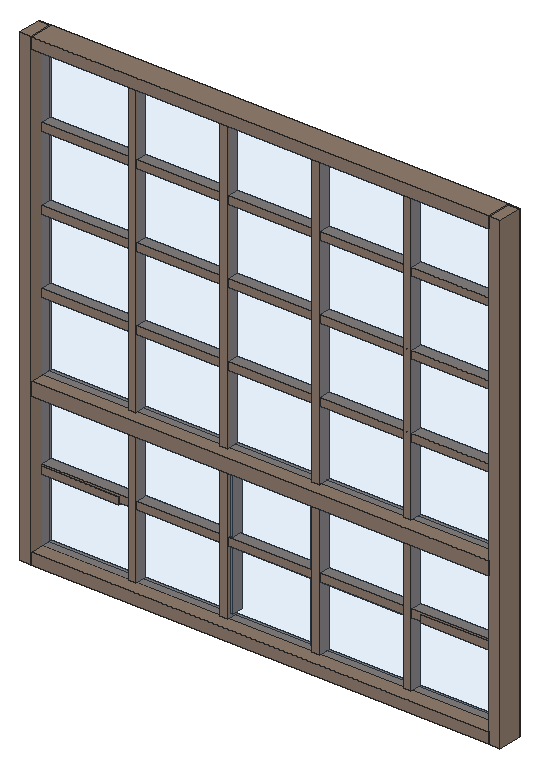
Revit family "Window_Curtain_Wall-Project_Out-Traco-NX_35X-Heavy_Commercial", category Windows, Revit 2015
Parameters (values of type "NX-35X - Project_Out - Fixed")
  Window Width [instance] = if(CTRL Opening Width - Window Right Inset - Window Left Inset < Width Minimum, Width Minimum, if(CTRL Opening Width - Window Right Inset - Window Left Inset > Width Maximum, Width Maximum, CTRL Opening Width - Window Right Inset - Window Left Inset))  # 5' - 4"
  Window Top Inset [instance] = 0' - 0"
  Window Right Inset [instance] = 0' - 0"
  Window Left Inset [instance] = 0' - 0"
  Window Height [instance] = if(CTRL Opening Height - Window Top Inset - Window Bottom Inset < Height Minimum, Height Minimum, if(CTRL Opening Height - Window Top Inset - Window Bottom Inset > Height Maximum, Height Maximum, CTRL Opening Height - Window Top Inset - Window Bottom Inset))  # 5' - 3"
  Window Bottom Inset [instance] = 0' - 0"
  Width Minimum = 3' - 0"  # constant formula
  Width Maximum = 5' - 4"  # constant formula
  Water Resistance = 0.0000 ksf
  Uniform Load Structural = 0.0000 ksf
  Uniform Load Deflection = 0.0000 ksf
  URL = "http://www.alcoa.com/traco/en/home.asp"
  U Factor = "N/A"
  Type Comments = "Fixed/Vent with Side Lites"
  Test Size = "N/A"
  Sill Width = 0' - 1 1/2"  # constant formula
  Screen Width [instance] = CTRL Panel Active Width - (0' 0 3/4" * 2)  # 3' - 0.9"
  Screen Material = Aluminum - Traco - Screen
  Screen Height [instance] = CTRL Panel Active Height - (0' 0 1/2")  # 1' - 8 3/8"
  Product data url = "https://bimobject.com/kawneerna/product/35004"
  Product Page URL = "http://www.alcoa.com/traco/en/product.asp?cat_id=1908&prod_id=4233"
  Product Documentation Link = "http://www.alcoa.com/traco/en/cad_spec.asp?cat_id=1908&prod_id=4233&area=prod"
  Panel Configuration = if(CTRL Configuration Number < 2, "Vent", if(CTRL Configuration Number = 2, "Fixed/Vent-Bottom", if(CTRL Configuration Number = 3, "Vent-Top/Fixed", if(CTRL Configuration Number = 4, "Vent/Vent", "Vent"))))  # "Vent"
  Model = "NX-3XX"
  Manufacturer = "Traco"  # constant formula
  Keynote = "08520"
  Jamb Width = 0' - 1 1/2"  # constant formula
  Height Minimum = 4' - 6"  # constant formula
  Height Maximum = 8' - 0"  # constant formula
  Head Width = 0' - 1 1/2"  # constant formula
  Has Full Screen [instance] = if(CTRL Has Vent, 1 = 1, 1 = 0)  # no
  Has Flange Frame [instance] = 1 = 0  # no
  Has Butt Hinge [instance] = no
  Glazing Thickness = 0' - 1"
  Glazing Material = Glass - Traco - Clear
  Frame Material = Aluminum - Traco - Anodized - Bronze
  Forced Entry Resistance = "N/A"
  Designation = "N/A"
  Description = " Heavy Commercial Historic, Project Out Window"  # constant formula
  Depth = 0' - 3 1/4"  # constant formula
  Copyright © = "2011 Traco"  # constant formula
  Construction Type = ""
  Interior Offset [instance] = 0' - 0"
  Condensation Resistance = 0.0000 ksf
  CTRL Right Panel Inset [instance] = Depth + 0' 0 5/16"  # 0' - 3 9/16"
  CTRL Panel Middle Visibility [instance] = 1 = 1  # yes
  CTRL Panel Left Visibility [instance] = 1 = 1  # yes
  CTRL Panel Fixed Width [instance] = Window Width  # 5' - 4"
  CTRL Panel Fixed Top Inset [instance] = 0' - 0"  # constant formula
  CTRL Panel Fixed Right Inset [instance] = 0' - 0"  # constant formula
  CTRL Panel Fixed Height [instance] = ((Window Height / 6) * 4) + 0' 0 5/8" - Sill Width  # 3' - 5 1/8"
  CTRL Panel Active Width [instance] = (Window Width / 5) * 3  # 3' - 2.4"
  CTRL Panel Active Top Inset [instance] = ((Window Height / 6) * 4)  # 3' - 6"
  CTRL Panel Active Right Inset [instance] = (Window Width / 5)  # 1' - 0.8"
  CTRL Panel Active Frame Width = 0' - 2"  # constant formula
  CTRL Panel Active Height [instance] = ((Window Height / 6) * 2) - 0' 0 1/8"  # 1' - 8 7/8"
  CTRL Mullion Vertical Visibility [instance] = 1 = 1  # yes
  CTRL Mullion Top Inset [instance] = ((Window Height / 6) * 4)  # 3' - 6"
  CTRL Mullion Horizontal Visibility [instance] = 1 = 1  # yes
  CTRL Opening Width [instance] = 7' - 4.26767"
  CTRL Opening Height [instance] = 5' - 3"
  CTRL Middle Panel Inset [instance] = 0' - 0"  # constant formula
  CTRL Left Panel Inset [instance] = Depth + 0' 0 5/16"  # 0' - 3 9/16"
  CTRL Has Vent = no
  CTRL Has No Vent = not(CTRL Has Vent)  # yes
  CTRL Has Full Screen [instance] = if(CTRL Has Vent, Has Full Screen, 1 = 0)  # no
  CTRL Full Screen Width [instance] = Window Width - 0' 1 1/2"  # 5' - 2 1/2"
  CTRL Flange Width [instance] = if(Has Flange Frame, 0' 1 1/2", 0' 0")  # 0' - 0"
  Exterior Offset [instance] = 0' - 0"
  CTRL Configuration Number = 5  # constant formula
  Assembly Code = "B2020110"
  Allowable Air Infiltration Maximum = "N/A"
Reference planes (in)
  plane 1 "Front": y = 0
  plane 2 "Original Ref. Plane": z = 0
  plane 3 "Center (Left/Right)": x = 0
  plane 4 "Left": x = -44.13384
  plane 5 "Right": x = 44.13384
  plane 6 "Top": z = 63
  plane 7 "Window Interior Offset": y = 0
  plane 8 "Window Center F/B": y = 0
  plane 9 "Exterior/Back": y = 1.625
  plane 10 "Interior/Front": y = -1.625
  plane 11 "Window Left": x = -44.13384
  plane 12 "Window Right": x = 19.86616
  plane 13 "Window Top": z = 63
  plane 14 "Flange Top": z = 63
  plane 15 "Head Bottom": z = 61.5
  plane 16 "Frame Left": x = -42.63384
  plane 17 "Frame Right": x = 18.36616
  plane 18 "Flange Bottom": z = 0
  plane 19 "Flange Right": x = 19.86616
  plane 20 "Flange Left": x = -44.13384
  plane 21 "Flange Thickness": y = 1.5625
  plane 22 "Sill Top": z = 1.5
  plane 23 "Window Bottom": z = 0
  plane 24 "Active Panel Top Inset": z = 19
  plane 25 "Screen Top": z = 20.75
  plane 26 "Screen Bottom": z = 1
  plane 27 "Right Glass Ext. Offset": y = 1.9375
  plane 28 "Right Glass Int. Offset": y = -1.3125
  plane 29 "Right Panel Center L/R": y = 0.3125
  plane 30 "Right Glass Exterior": y = 1.4375
  plane 31 "Right Glass Interior": y = 0.4375
  plane 32 "Mid Glass Ext. Offset": y = 1.625
  plane 33 "Mid Glass Int. Offset": y = -1.625
  plane 34 "Mid Panel Center L/R": y = 0
  plane 35 "Mid Glass Exterior": y = 1.125
  plane 36 "Mid Glass Interior": y = 0.125
  plane 37 "Left Glass Ext. Offset": y = 1.9375
  plane 38 "Left Glass Int. Offset": y = -1.3125
  plane 39 "Left Glass Exterior": y = 1.4375
  plane 40 "Left Glass Interior": y = 0.4375
  plane 41 "Panel Left R": x = 7.06616
  plane 42 "Panel Left R Inset": x = 5.06616
  plane 43 "Mid Panel Left Rail R": x = -42.63384
  plane 44 "Mid Panel Left Rail L": x = -44.13384
  plane 45 "Mid Panel Right Rail R": x = 19.86616
  plane 46 "Mid Panel Right Rail L": x = 18.36616
  plane 47 "Exterior/Back Inset": y = 1.53125
  plane 48 "Interior/Front Inset": y = -1.53125
  plane 49 "Panel Middle Center L/R": x = -12.13384
  plane 50 "Panel Left Center L/R": x = -12.13384
  plane 51 "Left Panel Center L/R": y = 0.3125
  plane 52 "Center Elevation": z = 10.5625
  plane 53 "Screen Left": x = -43.13384
  plane 54: y = -4.84375
  plane 55 "Active Panel Top": z = 21
  plane 56 "Fixed Panel Top Inset": z = 61.5
  plane 57 "Fixed Panel Top": z = 63
  plane 58 "Active Panel Bottom": z = 0.125
  plane 59 "Active Panel Bottom Inset": z = 2.125
  plane 60 "Panel Left L": x = -31.33384
  plane 61 "Panel Left L Inset": x = -29.33384
  plane 62 "Left Glass Center L/R": y = 0.9375
  plane 63 "Mid Glass Center L/R": y = 0.625
  plane 64 "Right Glass Center L/R": y = 0.9375
  plane 65 "Full Screen Left": x = -30.58384
  plane 66 "Fixed Panel Center T/B": z = 21
  plane 67 "Fixed Panel Center T": z = 21.875
  plane 68 "Fixed Panel Center B": z = 20.125
  plane 69 "Mullion Left Center R": x = -30.45884
  plane 70 "Mullion Left Center L": x = -32.20884
  plane 71 "Window Center L/R": x = -12.13384
  plane 72 "Fixed Glass Bottom": z = 21.875
  plane 73 "Mullion Right Center L": x = 6.19116
  plane 74 "Mullion Right Center R": x = 7.94116
Forms (in)
  Sweep 1, solid, material "Aluminum - Traco - Anodized - Bronze" <- "Frame Material"
    path origin (-167.07026, 0, 40.44358) x (-1, 0, 0) y (0, 0, 1)
      loop
        line (-167.07026, -40.44358) -> (-167.07026, 22.55642)
    profile origin (0, 0, 31.5) x (1, 0, 0) y (0, 1, 0)
      loop
        line (-42.63384, -1.625) -> (-42.63384, 1.5625) -> (-44.13384, 1.5625) -> (-44.13384, -1.625) -> (-42.63384, -1.625)
      loop
        line (18.36616, -1.625) -> (19.86616, -1.625) -> (19.86616, 1.5625) -> (18.36616, 1.5625) -> (18.36616, -1.625)
  Sweep 2, solid, material "Aluminum - Traco - Anodized - Bronze" <- "Frame Material"
    path origin (-167.07026, 0, 40.31858) x (-1, 0, 0) y (0, 0, 1)
      loop
        line (-185.43643, -40.07858) -> (-124.43643, -40.07858)
    profile origin (-12.13384, 0, 0.24) x (0, 0, 1) y (0, 1, 0)
      loop
        line (1.26, -1.625) -> (1.26, 1.5625) -> (-0.24, 1.5625) -> (-0.24, -1.625) -> (1.26, -1.625)
  Sweep 3, solid, material "Aluminum - Traco - Anodized - Bronze" <- "Frame Material"
    path origin (-168.26142, 0, 112.26409) x (-1, 0, 0) y (0, 0, 1)
      loop
        line (-186.62758, -50.76409) -> (-125.62758, -50.76409)
    profile origin (-12.13384, 0, 61.5) x (0, 0, 1) y (0, 1, 0)
      loop
        line (0, 1.5625) -> (0, -1.625) -> (1.5, -1.625) -> (1.5, 1.5625) -> (0, 1.5625)
  Sweep 4, solid, material "Aluminum - Traco - Anodized - Bronze" <- "Frame Material"
    path origin (-163.52883, 0, 39.90995) x (1, 0, 0) y (0, 0, 1)
      loop
        line (163.52883, -39.90995) -> (163.52883, 23.09005)
    profile origin (0, 0, 31.5) x (-1, 0, 0) y (0, -1, 0)
      loop
        line (42.63384, -1.5625) -> (42.63384, -1.625) -> (44.13384, -1.625) -> (44.13384, -1.5625) -> (42.63384, -1.5625)
      loop
        line (-18.36616, -1.5625) -> (-19.86616, -1.5625) -> (-19.86616, -1.625) -> (-18.36616, -1.625) -> (-18.36616, -1.5625)
  Sweep 5, solid, material "Aluminum - Traco - Anodized - Bronze" <- "Frame Material"
    path origin (-167.33417, 0, 38.73517) x (-1, 0, 0) y (0, 0, 1)
      loop
        line (-185.70033, -38.73517) -> (-124.70033, -38.73517)
    profile origin (-12.13384, 0, 0) x (0, 0, 1) y (0, 1, 0)
      loop
        line (0, 1.625) -> (0, 1.5625) -> (1.5, 1.5625) -> (1.5, 1.625) -> (0, 1.625)
  Sweep 6, solid, material "Aluminum - Traco - Anodized - Bronze" <- "Frame Material"
    path origin (-168.38114, 0, 110.6278) x (-1, 0, 0) y (0, 0, 1)
      loop
        line (-186.74731, -47.6278) -> (-125.74731, -47.6278)
    profile origin (-12.13384, 0, 63) x (0, 0, 1) y (0, 1, 0)
      loop
        line (-1.5, 1.625) -> (-1.5, 1.5625) -> (0, 1.5625) -> (0, 1.625) -> (-1.5, 1.625)
  Sweep 7, solid, material "Glass - Traco - Clear" <- "Glazing Material", visible <- "CTRL Has Vent"
    path origin (0, -5.15625, 0) x (-1, 0, 0) y (0, 0, 1)
      loop
        line (29.33384, 2.125) -> (-5.06616, 2.125)
    profile origin (-12.13384, -5.15625, 2.125) x (0, 0, -1) y (0, 1, 0)
      loop
        line (0, 6.59375) -> (-16.875, 6.59375) -> (-16.875, 5.59375) -> (0, 5.59375) -> (0, 6.59375)
  Sweep 8, solid, material "Glass - Traco - Clear" <- "Glazing Material", visible <- "CTRL Panel Middle Visibility"
    path origin (0, 0, 0) x (-1, 0, 0) y (0, 0, 1)
      loop
        line (42.63384, 21.875) -> (-18.36616, 21.875)
    profile origin (-12.13384, 0, 21.875) x (0, 0, -1) y (0, 1, 0)
      loop
        line (0, 1.125) -> (-39.625, 1.125) -> (-39.625, 0.125) -> (0, 0.125) -> (0, 1.125)
  Sweep 9, solid, material "Aluminum - Traco - Anodized - Bronze" <- "Frame Material", visible <- "CTRL Has Vent"
    path origin (0, 0.3125, 0) x (-1, 0, 0) y (0, 0, 1)
      loop
        line (31.33384, 21) -> (-7.06616, 21) -> (-7.06616, 0.125) -> (31.33384, 0.125) -> (31.33384, 21)
    profile origin (-31.33384, 0.3125, 10.5625) x (0, 1, 0) y (-1, 0, 0)
      loop
        line (-1.625, 0) -> (-1.625, -2) -> (1.625, -2) -> (1.625, 0) -> (-1.625, 0)
  Sweep 10, solid, material "Aluminum - Traco - Anodized - Bronze" <- "Frame Material", visible <- "CTRL Has Vent"
    path origin (-9.49052, 0, -0.0999) x (-1, 0, 0) y (0, 0, 1)
      loop
        line (2.64331, 1.5999) -> (2.64331, 20.2249)
    profile origin (-12.13384, 0, 10.8125) x (1, 0, 0) y (0, 1, 0)
      loop
        line (-20.075, -1.625) -> (-18.325, -1.625) -> (-18.325, 1.625) -> (-20.075, 1.625) -> (-20.075, -1.625)
      loop
        line (20.075, -1.625) -> (20.075, 1.625) -> (18.325, 1.625) -> (18.325, -1.625) -> (20.075, -1.625)
  Sweep 11, solid, material "Aluminum - Traco - Anodized - Bronze" <- "Frame Material", visible <- "CTRL Mullion Horizontal Visibility"
    path origin (-0.62226, 0, -3.457) x (-1, 0, 0) y (0, 0, 1)
      loop
        line (-18.98842, 24.457) -> (42.01158, 24.457)
    profile origin (-12.13384, 0, 21) x (0, 0, 1) y (0, 1, 0)
      loop
        line (0.875, -1.625) -> (0.875, 1.625) -> (-0.875, 1.625) -> (-0.875, -1.625) -> (0.875, -1.625)
  Sweep 12, solid, material "Glass - Traco - Clear" <- "Glazing Material", visible <- "CTRL Has Vent"
    path origin (-0.38279, 0, -20.97672) x (-1, 0, 0) y (0, 0, 1)
      loop
        line (11.75105, 22.47672) -> (11.75105, 41.10172)
    profile origin (-12.13384, 0, 10.8125) x (1, 0, 0) y (0, 1, 0)
      loop
        line (-20.075, 1.125) -> (-30.5, 1.125) -> (-30.5, 0.125) -> (-20.075, 0.125) -> (-20.075, 1.125)
      loop
        line (20.075, 1.125) -> (20.075, 0.125) -> (30.5, 0.125) -> (30.5, 1.125) -> (20.075, 1.125)
  Sweep 13, solid, material "Glass - Traco - Clear" <- "Glazing Material", visible <- "CTRL Has No Vent"
    path origin (0, 0, 0) x (-1, 0, 0) y (0, 0, 1)
      loop
        line (42.63384, 1.5) -> (-18.36616, 1.5)
    profile origin (-12.13384, 0, 1.5) x (0, 0, -1) y (0, 1, 0)
      loop
        line (0, 1.125) -> (-18.625, 1.125) -> (-18.625, 0.125) -> (0, 0.125) -> (0, 1.125)
Cuts and joins
  joined: Sweep 2, Sweep 5
  joined: Sweep 3, Sweep 6
Lines and regions (in)
  Masking region 1
    outline origin (0, 0, 0) x (0, 1, 0) y (0, 0, 1)
      loop
        line (1.625, 0) -> (1.625, 63) -> (-1.625, 63) -> (-1.625, 0) -> (1.625, 0)
  Masking region 2
    outline origin (0, 0, 20.125) x (1, 0, 0) y (0, 1, 0)
      loop
        line (19.86616, -1.625) -> (19.86616, 1.625) -> (-44.13384, 1.625) -> (-44.13384, -1.625) -> (19.86616, -1.625)
  Masking region 3, visible <- "Has Flange Frame"
    outline origin (0, 1.5625, 0) x (-1, 0, 0) y (0, 0, 1)
      loop
        line (-18.36616, 0) -> (-18.36616, 63) -> (-19.86616, 63) -> (-19.86616, 0) -> (-18.36616, 0)
      loop
        line (42.63384, 0) -> (44.13384, 0) -> (44.13384, 63) -> (42.63384, 63) -> (42.63384, 0)
  Masking region 4, visible <- "Has Flange Frame"
    outline origin (0, 1.5625, 0) x (-1, 0, 0) y (0, 0, 1)
      loop
        line (42.63384, 61.5) -> (42.63384, 63) -> (-18.36616, 63) -> (-18.36616, 61.5) -> (42.63384, 61.5)
      loop
        line (42.63384, 1.5) -> (-18.36616, 1.5) -> (-18.36616, 0) -> (42.63384, 0) -> (42.63384, 1.5)
  Masking region 5
    outline origin (0, 0, 0) x (-1, 0, 0) y (0, 0, 1)
      loop
        line (-18.36616, 0) -> (-18.36616, 63) -> (-19.86616, 63) -> (-19.86616, 0) -> (-18.36616, 0)
      loop
        line (42.63384, 0) -> (44.13384, 0) -> (44.13384, 63) -> (42.63384, 63) -> (42.63384, 0)
  Masking region 6
    outline origin (0, 0, 0) x (-1, 0, 0) y (0, 0, 1)
      loop
        line (-18.36616, 61.5) -> (42.63384, 61.5) -> (42.63384, 63) -> (-18.36616, 63) -> (-18.36616, 61.5)
      loop
        line (-18.36616, 1.5) -> (-18.36616, 0) -> (42.63384, 0) -> (42.63384, 1.5) -> (-18.36616, 1.5)
  Masking region 7, visible <- "CTRL Has Vent", detail levels medium+fine
    outline origin (0, 0.9375, 0) x (-1, 0, 0) y (0, 0, 1)
      loop
        line (29.33384, 19) -> (-5.06616, 19) -> (-5.06616, 2.125) -> (29.33384, 2.125) -> (29.33384, 19)
      loop
        line (31.33384, 21) -> (-7.06616, 21) -> (-7.06616, 0.125) -> (31.33384, 0.125) -> (31.33384, 21)
  Masking region 8, visible <- "CTRL Has Vent"
    outline origin (0, 0.625, 0) x (-1, 0, 0) y (0, 0, 1)
      loop
        line (42.63384, 21.875) -> (42.63384, 61.5) -> (-18.36616, 61.5) -> (-18.36616, 21.875) -> (42.63384, 21.875)
      loop
        line (-7.94116, 1.5) -> (-7.94116, 20.125) -> (-18.36616, 20.125) -> (-18.36616, 1.5) -> (-7.94116, 1.5)
      loop
        line (42.63384, 1.5) -> (42.63384, 20.125) -> (32.20884, 20.125) -> (32.20884, 1.5) -> (42.63384, 1.5)
  Masking region 9, visible <- "CTRL Has Vent"
    outline origin (0, 0.9375, 0) x (-1, 0, 0) y (0, 0, 1)
      loop
        line (29.33384, 2.125) -> (29.33384, 19) -> (-5.06616, 19) -> (-5.06616, 2.125) -> (29.33384, 2.125)
  Masking region 10
    outline origin (-12.13384, 0, 0) x (0, -1, 0) y (0, 0, 1)
      loop
        line (-1.9375, 0.125) -> (1.3125, 0.125) -> (1.3125, 21) -> (-1.9375, 21) -> (-1.9375, 0.125)
  Masking region 11
    outline origin (-12.13384, 0, 68) x (0, -1, 0) y (0, 0, -1)
      loop
        line (-1.625, 46.125) -> (1.625, 46.125) -> (1.625, 47.875) -> (-1.625, 47.875) -> (-1.625, 46.125)
  Masking region 12, visible <- "CTRL Has Vent"
    outline origin (0, 0.625, 0) x (-1, 0, 0) y (0, 0, 1)
      loop
        line (32.20884, 1.5) -> (32.20884, 20.125) -> (30.45884, 20.125) -> (30.45884, 1.5) -> (32.20884, 1.5)
      loop
        line (-7.94116, 1.5) -> (-6.19116, 1.5) -> (-6.19116, 20.125) -> (-7.94116, 20.125) -> (-7.94116, 1.5)
  Masking region 13, visible <- "CTRL Mullion Horizontal Visibility"
    outline origin (0, 1.625, 0) x (-1, 0, 0) y (0, 0, 1)
      loop
        line (42.63384, 20.125) -> (42.63384, 21.875) -> (-18.36616, 21.875) -> (-18.36616, 20.125) -> (42.63384, 20.125)
  Masking region 14, visible <- "CTRL Panel Left Visibility"
    outline origin (0, 0, 21) x (1, 0, 0) y (0, 1, 0)
      loop
        line (7.06616, -1.3125) -> (7.06616, 1.9375) -> (-31.33384, 1.9375) -> (-31.33384, -1.3125) -> (7.06616, -1.3125)
  Masking region 15, visible <- "CTRL Has No Vent"
    outline origin (0, 0, 0) x (-1, 0, 0) y (0, 0, 1)
      loop
        line (42.63384, 21.875) -> (42.63384, 61.5) -> (-18.36616, 61.5) -> (-18.36616, 21.875) -> (42.63384, 21.875)
      loop
        line (42.63384, 20.125) -> (-18.36616, 20.125) -> (-18.36616, 1.5) -> (42.63384, 1.5) -> (42.63384, 20.125)
  Masking region 16, visible <- "CTRL Has Vent"
    outline origin (0, 0.3125, 0) x (-1, 0, 0) y (0, 0, 1)
      loop
        line (-5.06616, 19) -> (-5.06616, 2.125) -> (29.33384, 2.125) -> (29.33384, 19) -> (-5.06616, 19)
      loop
        line (-6.19116, 1) -> (30.43384, 1) -> (30.43384, 20.125) -> (-6.19116, 20.125) -> (-6.19116, 1)
  symbolic lines, style "WindowsSillHeadProjection"
    curve 1: line (0, -1.625, 63) -> (0, 1.625, 63)
    curve 2: line (0, -1.625, 61.5) -> (0, -1.625, 63)
    curve 3: line (0, 1.625, 61.5) -> (0, -1.625, 61.5)
    curve 4: line (0, 1.625, 63) -> (0, 1.625, 61.5)
    curve 5: line (0, -1.625, 1.5) -> (0, 1.625, 1.5)
    curve 6: line (0, 1.625, 1.5) -> (0, 1.625, 0)
    curve 7: line (0, 1.625, 0) -> (0, -1.625, 0)
    curve 8: line (0, -1.625, 0) -> (0, -1.625, 1.5)
  symbolic lines, style "WindowsFrameMullionProjection"
    curve 9: line (-42.63384, -1.625, 71.31858) -> (-44.13384, -1.625, 71.31858)
    curve 10: line (-42.63384, 1.625, 71.31858) -> (-42.63384, -1.625, 71.31858)
    curve 11: line (-44.13384, 1.625, 71.31858) -> (-42.63384, 1.625, 71.31858)
    curve 12: line (-44.13384, -1.625, 71.31858) -> (-44.13384, 1.625, 71.31858)
    curve 13: line (19.86616, -1.625, 71.31858) -> (18.36616, -1.625, 71.31858)
    curve 14: line (19.86616, 1.625, 71.31858) -> (19.86616, -1.625, 71.31858)
    curve 15: line (18.36616, 1.625, 71.31858) -> (19.86616, 1.625, 71.31858)
    curve 16: line (18.36616, -1.625, 71.31858) -> (18.36616, 1.625, 71.31858)
  symbolic lines, style "WindowsGlassProjection", visible <- "CTRL Panel Left Visibility", detail levels medium+fine
    curve 17: line (-12.13384, 0.4375, 19) -> (-12.13384, 0.4375, 2.125)
    curve 18: line (-12.13384, 1.4375, 19) -> (-12.13384, 1.4375, 2.125)
    curve 30: line (-29.33384, 1.4375, 10.5625) -> (5.06616, 1.4375, 10.5625)
    curve 31: line (-29.33384, 0.4375, 10.5625) -> (5.06616, 0.4375, 10.5625)
  symbolic lines, style "WindowsGlassProjection", visible <- "CTRL Panel Left Visibility", detail levels coarse
    curve 19: line (-12.13384, 0.9375, 19) -> (-12.13384, 0.9375, 2.125)
    curve 32: line (-29.33384, 0.9375, 10.5625) -> (5.06616, 0.9375, 10.5625)
  symbolic lines, style "WindowsGlassProjection", visible <- "CTRL Panel Middle Visibility", detail levels medium+fine
    curve 20: line (-12.13384, 0.125, 21.875) -> (-12.13384, 0.125, 61.5)
    curve 21: line (-12.13384, 1.125, 21.875) -> (-12.13384, 1.125, 61.5)
    curve 25: line (-42.63384, 1.125, 10.5625) -> (18.36616, 1.125, 10.5625)
    curve 26: line (-42.63384, 0.125, 10.5625) -> (18.36616, 0.125, 10.5625)
    curve 41: line (7.94116, 0.125, 20.125) -> (7.94116, 0.125, 1.5)
    curve 42: line (7.94116, 1.125, 20.125) -> (7.94116, 1.125, 1.5)
    curve 44: line (-32.20884, 0.125, 20.125) -> (-32.20884, 0.125, 1.5)
    curve 45: line (-32.20884, 1.125, 20.125) -> (-32.20884, 1.125, 1.5)
  symbolic lines, style "WindowsGlassProjection", visible <- "CTRL Panel Middle Visibility", detail levels coarse
    curve 22: line (-12.13384, 0.625, 21.875) -> (-12.13384, 0.625, 61.5)
    curve 27: line (-42.63384, 0.625, 10.5625) -> (18.36616, 0.625, 10.5625)
    curve 43: line (7.94116, 0.625, 20.125) -> (7.94116, 0.625, 1.5)
    curve 46: line (-32.20884, 0.625, 20.125) -> (-32.20884, 0.625, 1.5)
  symbolic lines, style "WindowsFrameMullionProjection", visible <- "CTRL Panel Middle Visibility", detail levels fine
    curve 23: line (-42.63384, 1.625, 10.5625) -> (18.36616, 1.625, 10.5625)
    curve 24: line (-42.63384, -1.625, 10.5625) -> (18.36616, -1.625, 10.5625)
  symbolic lines, style "Elevation Swing", visible <- "CTRL Has Vent", detail levels fine
    curve 28: line (-12.13384, 0.3125, 19) -> (-29.33384, 0.3125, 2.125)
    curve 29: line (5.06616, 0.3125, 2.125) -> (-12.13384, 0.3125, 19)
  symbolic lines, style "WindowsFrameMullionProjection", visible <- "CTRL Panel Left Visibility"
    curve 33: line (-29.33384, -1.3125, 21) -> (-31.33384, -1.3125, 21)
    curve 34: line (-29.33384, 1.9375, 21) -> (-29.33384, -1.3125, 21)
    curve 35: line (-31.33384, 1.9375, 21) -> (-29.33384, 1.9375, 21)
    curve 36: line (-31.33384, -1.3125, 21) -> (-31.33384, 1.9375, 21)
    curve 37: line (7.06616, -1.3125, 21) -> (5.06616, -1.3125, 21)
    curve 38: line (7.06616, 1.9375, 21) -> (7.06616, -1.3125, 21)
    curve 39: line (5.06616, 1.9375, 21) -> (7.06616, 1.9375, 21)
    curve 40: line (5.06616, -1.3125, 21) -> (5.06616, 1.9375, 21)
    curve 47: line (-12.13384, 1.9375, 19) -> (-12.13384, -1.3125, 19)
    curve 48: line (-12.13384, 1.9375, 21) -> (-12.13384, 1.9375, 19)
    curve 49: line (-12.13384, -1.3125, 21) -> (-12.13384, 1.9375, 21)
    curve 50: line (-12.13384, -1.3125, 19) -> (-12.13384, -1.3125, 21)
    curve 51: line (-12.13384, 1.9375, 2.125) -> (-12.13384, -1.3125, 2.125)
    curve 52: line (-12.13384, 1.9375, 0.125) -> (-12.13384, 1.9375, 2.125)
    curve 53: line (-12.13384, -1.3125, 0.125) -> (-12.13384, 1.9375, 0.125)
    curve 54: line (-12.13384, -1.3125, 2.125) -> (-12.13384, -1.3125, 0.125)
Text (in)
  text "Exterior" at (-89.86254, 22.28177, 0), in view "Ref. Level"
  text "Exterior" at (480, 41.53993, 89.60405), in view "Right"
  text "Exterior" at (-240, 57.82419, 105.78864), in view "Left"
Dimensions and locks (in)
  equal spacing: plane 4 "Left", plane 3 "Center (Left/Right)", plane 5 "Right"
  "Interior Offset": plane 7 "Window Interior Offset" to plane 1 "Front"
  "Exterior Offset": plane 8 "Window Center F/B" to plane 7 "Window Interior Offset"
  equal spacing: plane 9 "Exterior/Back", plane 8 "Window Center F/B", plane 10 "Interior/Front"
  "Depth": plane 9 "Exterior/Back" to plane 10 "Interior/Front"
  "Head Width": plane 15 "Head Bottom" to plane 13 "Window Top"
  "Jamb Width": plane 17 "Frame Right" to plane 12 "Window Right"
  "Jamb Width": plane 11 "Window Left" to plane 16 "Frame Left"
  "CTRL Flange Width": plane 12 "Window Right" to plane 19 "Flange Right"
  "CTRL Flange Width": plane 20 "Flange Left" to plane 11 "Window Left"
  "CTRL Flange Width": plane 18 "Flange Bottom" to plane 23 "Window Bottom"
  "Sill Width": plane 23 "Window Bottom" to plane 22 "Sill Top"
  "CTRL Flange Width": plane 13 "Window Top" to plane 14 "Flange Top"
  "CTRL Opening Height": plane 2 "Original Ref. Plane" to plane 6 "Top"
  "CTRL Opening Width": plane 4 "Left" to plane 5 "Right"
  locked: plane 23 "Window Bottom" to plane 26 "Screen Bottom" at 1
  "Glazing Thickness": plane 31 "Right Glass Interior" to plane 30 "Right Glass Exterior"
  "Glazing Thickness": plane 36 "Mid Glass Interior" to plane 35 "Mid Glass Exterior"
  "Glazing Thickness": plane 40 "Left Glass Interior" to plane 39 "Left Glass Exterior"
  "CTRL Panel Active Frame Width": plane 42 "Panel Left R Inset" to plane 41 "Panel Left R"
  "Jamb Width": plane 46 "Mid Panel Right Rail L" to plane 45 "Mid Panel Right Rail R"
  "Jamb Width": plane 44 "Mid Panel Left Rail L" to plane 43 "Mid Panel Left Rail R"
  locked: plane 9 "Exterior/Back" to plane 21 "Flange Thickness" at 0.0625
  locked: plane 10 "Interior/Front" to plane 48 "Interior/Front Inset" at 0.09375
  locked: plane 47 "Exterior/Back Inset" to plane 9 "Exterior/Back" at 0.09375
  "CTRL Right Panel Inset": plane 10 "Interior/Front" to plane 27 "Right Glass Ext. Offset"
  "CTRL Middle Panel Inset": plane 10 "Interior/Front" to plane 33 "Mid Glass Int. Offset"
  "CTRL Left Panel Inset": plane 10 "Interior/Front" to plane 37 "Left Glass Ext. Offset"
  "Window Left Inset": plane 4 "Left" to plane 11 "Window Left"
  "Window Width": plane 11 "Window Left" to plane 12 "Window Right"
  "Window Bottom Inset": plane 2 "Original Ref. Plane" to plane 23 "Window Bottom"
  equal spacing: plane 58 "Active Panel Bottom", plane 52 "Center Elevation", plane 55 "Active Panel Top"
  plane 46 "Mid Panel Right Rail L" to plane 45 "Mid Panel Right Rail R" = 0' - 1 1/2"
  equal spacing: plane 38 "Left Glass Int. Offset", plane 51 "Left Panel Center L/R", plane 37 "Left Glass Ext. Offset"
  "Depth": plane 38 "Left Glass Int. Offset" to plane 37 "Left Glass Ext. Offset"
  equal spacing: plane 33 "Mid Glass Int. Offset", plane 34 "Mid Panel Center L/R", plane 32 "Mid Glass Ext. Offset"
  "Depth": plane 33 "Mid Glass Int. Offset" to plane 32 "Mid Glass Ext. Offset"
  equal spacing: plane 28 "Right Glass Int. Offset", plane 29 "Right Panel Center L/R", plane 27 "Right Glass Ext. Offset"
  "Depth": plane 28 "Right Glass Int. Offset" to plane 27 "Right Glass Ext. Offset"
  locked: plane 39 "Left Glass Exterior" to plane 37 "Left Glass Ext. Offset" at 0.5
  locked: plane 35 "Mid Glass Exterior" to plane 32 "Mid Glass Ext. Offset" at 0.5
  locked: plane 30 "Right Glass Exterior" to plane 27 "Right Glass Ext. Offset" at 0.5
  locked: plane 11 "Window Left" to plane 53 "Screen Left" at 1
  "CTRL Panel Active Frame Width": plane 24 "Active Panel Top Inset" to plane 55 "Active Panel Top"
  locked: plane 25 "Screen Top" to plane 55 "Active Panel Top" at 0.25
  "Head Width": plane 56 "Fixed Panel Top Inset" to plane 57 "Fixed Panel Top"
  "CTRL Panel Active Frame Width": plane 58 "Active Panel Bottom" to plane 59 "Active Panel Bottom Inset"
  "CTRL Panel Active Frame Width": plane 61 "Panel Left L Inset" to plane 60 "Panel Left L"
  equal spacing: plane 60 "Panel Left L", plane 50 "Panel Left Center L/R", plane 41 "Panel Left R"
  equal spacing: plane 44 "Mid Panel Left Rail L", plane 49 "Panel Middle Center L/R", plane 45 "Mid Panel Right Rail R"
  "CTRL Panel Active Height": plane 58 "Active Panel Bottom" to plane 55 "Active Panel Top"
  "CTRL Panel Active Width": plane 60 "Panel Left L" to plane 41 "Panel Left R"
  "CTRL Panel Fixed Width": plane 44 "Mid Panel Left Rail L" to plane 45 "Mid Panel Right Rail R"
  "CTRL Panel Fixed Top Inset": plane 57 "Fixed Panel Top" to plane 13 "Window Top"
  "CTRL Panel Active Top Inset": plane 55 "Active Panel Top" to plane 13 "Window Top"
  "CTRL Panel Fixed Right Inset": plane 45 "Mid Panel Right Rail R" to plane 12 "Window Right"
  "CTRL Panel Active Right Inset": plane 41 "Panel Left R" to plane 12 "Window Right"
  equal spacing: plane 40 "Left Glass Interior", plane 62 "Left Glass Center L/R", plane 39 "Left Glass Exterior"
  equal spacing: plane 36 "Mid Glass Interior", plane 63 "Mid Glass Center L/R", plane 35 "Mid Glass Exterior"
  equal spacing: plane 31 "Right Glass Interior", plane 64 "Right Glass Center L/R", plane 30 "Right Glass Exterior"
  locked: plane 65 "Full Screen Left" to plane 60 "Panel Left L" at 0.75
  "CTRL Panel Fixed Height": plane 72 "Fixed Glass Bottom" to plane 57 "Fixed Panel Top"
  plane 68 "Fixed Panel Center B" to plane 66 "Fixed Panel Center T/B" to plane 67 "Fixed Panel Center T" = 0' - 0 7/8" locked, 0' - 0 7/8" locked
  equal spacing: plane 11 "Window Left", plane 71 "Window Center L/R", plane 12 "Window Right"
  "Window Height": plane 23 "Window Bottom" to plane 13 "Window Top"
  "CTRL Mullion Top Inset": plane 66 "Fixed Panel Center T/B" to plane 13 "Window Top"
  plane 59 "Active Panel Bottom Inset" to plane 68 "Fixed Panel Center B" = 1' - 6"
  Sweep 9 to plane 67 "Fixed Panel Center T" = 0' - 2 7/8"
  locked: plane 70 "Mullion Left Center L" to plane 69 "Mullion Left Center R" at 1.75
  locked: plane 61 "Panel Left L Inset" to plane 70 "Mullion Left Center L" at 2.875
  locked: plane 74 "Mullion Right Center R" to plane 73 "Mullion Right Center L" at 1.75
  locked: plane 42 "Panel Left R Inset" to plane 74 "Mullion Right Center R" at 2.875
  aligned and locked: level to plane 2 "Original Ref. Plane"
  aligned and locked: Sweep 1 sketch curve to plane 3 "Center (Left/Right)"
  aligned and locked: plane 21 "Flange Thickness" to Sweep 1 sketch curve
  aligned and locked: plane 11 "Window Left" to Sweep 1 sketch curve
  aligned and locked: Sweep 1 sketch curve to plane 16 "Frame Left"
  aligned and locked: Sweep 1 sketch curve to plane 10 "Interior/Front"
  aligned and locked: plane 12 "Window Right" to Sweep 1 sketch curve
  aligned and locked: Sweep 1 sketch curve to plane 17 "Frame Right"
  aligned and locked: plane 10 "Interior/Front" to Sweep 1 sketch curve
  aligned and locked: Sweep 1 sketch curve to plane 21 "Flange Thickness"
  aligned and locked: plane 22 "Sill Top" to Sweep 2 sketch curve
  aligned and locked: Sweep 3 sketch curve to plane 15 "Head Bottom"
  aligned and locked: plane 10 "Interior/Front" to Sweep 3 sketch curve
  aligned and locked: plane 15 "Head Bottom" to Sweep 3 sketch curve
  aligned and locked: Sweep 3 sketch curve to plane 21 "Flange Thickness"
  aligned and locked: Sweep 4 sketch curve to plane 3 "Center (Left/Right)"
  aligned and locked: plane 9 "Exterior/Back" to Sweep 4 sketch curve
  aligned and locked: plane 17 "Frame Right" to Sweep 4 sketch curve
  aligned and locked: Sweep 4 sketch curve to plane 21 "Flange Thickness"
  aligned and locked: Sweep 4 sketch curve to plane 9 "Exterior/Back"
  aligned and locked: plane 21 "Flange Thickness" to Sweep 4 sketch curve
  aligned and locked: plane 16 "Frame Left" to Sweep 4 sketch curve
  aligned and locked: Sweep 4 sketch curve to plane 20 "Flange Left"
  aligned and locked: Sweep 4 sketch curve to plane 19 "Flange Right"
  aligned and locked: Sweep 2 sketch curve to plane 21 "Flange Thickness"
  aligned and locked: Sweep 5 sketch curve to plane 18 "Flange Bottom"
  aligned and locked: plane 21 "Flange Thickness" to Sweep 5 sketch curve  (x2)
  aligned and locked: Sweep 5 sketch curve to plane 9 "Exterior/Back"
  aligned and locked: plane 18 "Flange Bottom" to Sweep 5 sketch curve
  aligned and locked: Sweep 6 sketch curve to plane 14 "Flange Top"  (x2)
  aligned and locked: Sweep 6 sketch curve to plane 9 "Exterior/Back"
  aligned and locked: plane 15 "Head Bottom" to Sweep 6 sketch curve
  aligned and locked: plane 21 "Flange Thickness" to Sweep 6 sketch curve
  aligned and locked: Masking region 1 sketch curve to plane 13 "Window Top"
  aligned and locked: Masking region 1 sketch curve to plane 9 "Exterior/Back"
  aligned and locked: plane 10 "Interior/Front" to Masking region 1 sketch curve
  aligned and locked: curve 6 to plane 9 "Exterior/Back"
  aligned and locked: plane 10 "Interior/Front" to curve 8
  aligned and locked: curve 4 to plane 9 "Exterior/Back"
  aligned and locked: plane 10 "Interior/Front" to curve 2
  aligned and locked: plane 14 "Flange Top" to curve 4
  aligned and locked: Masking region 2 sketch curve to plane 11 "Window Left"
  aligned and locked: plane 10 "Interior/Front" to Masking region 2 sketch curve
  aligned and locked: Masking region 2 sketch curve to plane 9 "Exterior/Back"
  aligned and locked: plane 12 "Window Right" to Masking region 2 sketch curve
  aligned and locked: plane 10 "Interior/Front" to curve 9
  aligned and locked: plane 16 "Frame Left" to curve 10
  aligned and locked: curve 11 to plane 9 "Exterior/Back"
  aligned and locked: curve 16 to plane 17 "Frame Right"
  aligned and locked: plane 10 "Interior/Front" to curve 13
  aligned and locked: curve 15 to plane 9 "Exterior/Back"
  aligned: plane 23 "Window Bottom" to Sweep 1
  aligned and locked: plane 23 "Window Bottom" to Sweep 2 sketch curve
  aligned and locked: plane 23 "Window Bottom" to Masking region 1 sketch curve
  aligned and locked: Sweep 3 sketch curve to plane 13 "Window Top"
  aligned and locked: Sweep 5 sketch curve to plane 22 "Sill Top"
  aligned and locked: curve 5 to plane 22 "Sill Top"
  aligned and locked: plane 17 "Frame Right" to Sweep 2 sketch curve
  aligned and locked: plane 16 "Frame Left" to Sweep 2 sketch curve
  aligned and locked: plane 16 "Frame Left" to Sweep 5 sketch curve
  aligned and locked: plane 17 "Frame Right" to Sweep 5 sketch curve
  aligned and locked: plane 18 "Flange Bottom" to Sweep 4 sketch curve
  aligned and locked: plane 14 "Flange Top" to Sweep 4 sketch curve
  aligned and locked: plane 16 "Frame Left" to Sweep 3 sketch curve
  aligned and locked: plane 17 "Frame Right" to Sweep 3 sketch curve
  aligned and locked: plane 17 "Frame Right" to Sweep 6 sketch curve
  aligned and locked: plane 16 "Frame Left" to Sweep 6 sketch curve
  aligned and locked: plane 13 "Window Top" to Sweep 1 sketch curve
  aligned and locked: plane 23 "Window Bottom" to Sweep 1 sketch curve
  aligned and locked: plane 18 "Flange Bottom" to curve 6
  aligned and locked: curve 1 to plane 13 "Window Top"
  aligned and locked: Sweep 7 sketch curve to plane 24 "Active Panel Top Inset"
  aligned and locked: Sweep 7 sketch curve to plane 39 "Left Glass Exterior"
  aligned and locked: plane 40 "Left Glass Interior" to Sweep 7 sketch curve
  aligned and locked: plane 42 "Panel Left R Inset" to Sweep 7 sketch curve
  aligned and locked: plane 10 "Interior/Front" to Sweep 2 sketch curve
  aligned and locked: plane 46 "Mid Panel Right Rail L" to Sweep 8 sketch curve
  aligned and locked: plane 43 "Mid Panel Left Rail R" to Sweep 8 sketch curve
  aligned and locked: plane 36 "Mid Glass Interior" to Sweep 8 sketch curve
  aligned and locked: Sweep 8 sketch curve to plane 35 "Mid Glass Exterior"
  aligned and locked: Sweep 7 to plane 40 "Left Glass Interior"
  aligned and locked: plane 39 "Left Glass Exterior" to Sweep 7
  aligned and locked: Sweep 9 sketch curve to plane 38 "Left Glass Int. Offset"
  aligned and locked: plane 37 "Left Glass Ext. Offset" to Sweep 9 sketch curve
  aligned and locked: curve 21 to plane 35 "Mid Glass Exterior"
  aligned and locked: curve 20 to plane 36 "Mid Glass Interior"
  aligned and locked: curve 17 to plane 40 "Left Glass Interior"
  aligned and locked: curve 18 to plane 39 "Left Glass Exterior"
  aligned and locked: Masking region 3 sketch curve to plane 14 "Flange Top"
  aligned and locked: plane 19 "Flange Right" to Masking region 3 sketch curve
  aligned and locked: plane 18 "Flange Bottom" to Masking region 3 sketch curve
  aligned and locked: Masking region 3 sketch curve to plane 17 "Frame Right"
  aligned and locked: Masking region 3 sketch curve to plane 16 "Frame Left"
  aligned and locked: plane 14 "Flange Top" to Masking region 3 sketch curve
  aligned and locked: plane 20 "Flange Left" to Masking region 3 sketch curve
  aligned and locked: Masking region 3 sketch curve to plane 18 "Flange Bottom"
  aligned and locked: Masking region 4 sketch curve to plane 16 "Frame Left"
  aligned and locked: plane 17 "Frame Right" to Masking region 4 sketch curve
  aligned and locked: Masking region 4 sketch curve to plane 14 "Flange Top"
  aligned and locked: plane 15 "Head Bottom" to Masking region 4 sketch curve
  aligned and locked: Masking region 4 sketch curve to plane 18 "Flange Bottom"
  aligned and locked: Masking region 4 sketch curve to plane 17 "Frame Right"
  aligned and locked: plane 16 "Frame Left" to Masking region 4 sketch curve
  aligned and locked: plane 22 "Sill Top" to Masking region 4 sketch curve
  aligned and locked: Masking region 5 sketch curve to plane 13 "Window Top"
  aligned and locked: plane 12 "Window Right" to Masking region 5 sketch curve
  aligned and locked: Masking region 5 sketch curve to plane 17 "Frame Right"
  aligned and locked: plane 23 "Window Bottom" to Masking region 5 sketch curve
  aligned and locked: Masking region 5 sketch curve to plane 23 "Window Bottom"
  aligned and locked: Masking region 5 sketch curve to plane 16 "Frame Left"
  aligned and locked: plane 11 "Window Left" to Masking region 5 sketch curve
  aligned and locked: plane 13 "Window Top" to Masking region 5 sketch curve
  aligned and locked: plane 22 "Sill Top" to Masking region 6 sketch curve
  aligned and locked: Masking region 6 sketch curve to plane 17 "Frame Right"
  aligned and locked: Masking region 6 sketch curve to plane 23 "Window Bottom"
  aligned and locked: Masking region 6 sketch curve to plane 13 "Window Top"
  aligned and locked: plane 17 "Frame Right" to Masking region 6 sketch curve
  aligned and locked: Masking region 6 sketch curve to plane 16 "Frame Left"
  aligned and locked: plane 16 "Frame Left" to Masking region 6 sketch curve
  aligned and locked: plane 15 "Head Bottom" to Masking region 6 sketch curve
  aligned and locked: plane 20 "Flange Left" to curve 11
  aligned and locked: curve 12 to plane 11 "Window Left"
  aligned and locked: plane 19 "Flange Right" to curve 15
  aligned and locked: plane 24 "Active Panel Top Inset" to Masking region 7 sketch curve
  aligned and locked: Masking region 7 sketch curve to plane 42 "Panel Left R Inset"
  aligned and locked: curve 23 to plane 32 "Mid Glass Ext. Offset"
  aligned and locked: curve 25 to plane 35 "Mid Glass Exterior"
  aligned and locked: curve 26 to plane 36 "Mid Glass Interior"
  aligned and locked: curve 24 to plane 33 "Mid Glass Int. Offset"
  aligned and locked: plane 41 "Panel Left R" to Masking region 7 sketch curve
  aligned and locked: Masking region 7 sketch curve to plane 55 "Active Panel Top"
  aligned and locked: plane 61 "Panel Left L Inset" to Masking region 7 sketch curve
  aligned and locked: plane 60 "Panel Left L" to Masking region 7 sketch curve
  aligned and locked: plane 59 "Active Panel Bottom Inset" to Masking region 7 sketch curve
  aligned and locked: Masking region 7 sketch curve to plane 58 "Active Panel Bottom"
  aligned and locked: plane 60 "Panel Left L" to Sweep 9 sketch curve
  aligned and locked: plane 55 "Active Panel Top" to Sweep 9 sketch curve
  aligned and locked: Sweep 9 sketch curve to plane 41 "Panel Left R"
  aligned and locked: Sweep 9 sketch curve to plane 58 "Active Panel Bottom"
  aligned and locked: plane 61 "Panel Left L Inset" to Sweep 9 sketch curve
  aligned and locked: Sweep 9 sketch curve to plane 60 "Panel Left L"
  aligned and locked: plane 61 "Panel Left L Inset" to Sweep 7 sketch curve
  aligned and locked: plane 59 "Active Panel Bottom Inset" to Sweep 7 sketch curve  (x2)
  aligned and locked: Sweep 8 sketch curve to plane 56 "Fixed Panel Top Inset"
  aligned and locked: plane 61 "Panel Left L Inset" to curve 28
  aligned and locked: Sweep 9 to plane 24 "Active Panel Top Inset"
  aligned and locked: curve 19 to plane 62 "Left Glass Center L/R"
  aligned and locked: curve 22 to plane 63 "Mid Glass Center L/R"
  aligned and locked: Masking region 8 sketch curve to plane 56 "Fixed Panel Top Inset"
  aligned and locked: plane 46 "Mid Panel Right Rail L" to Masking region 8 sketch curve
  aligned and locked: Masking region 8 sketch curve to plane 43 "Mid Panel Left Rail R"
  aligned and locked: plane 61 "Panel Left L Inset" to Masking region 9 sketch curve
  aligned and locked: Masking region 9 sketch curve to plane 24 "Active Panel Top Inset"
  aligned and locked: plane 42 "Panel Left R Inset" to Masking region 9 sketch curve
  aligned and locked: plane 59 "Active Panel Bottom Inset" to Masking region 9 sketch curve
  aligned and locked: plane 38 "Left Glass Int. Offset" to Masking region 10 sketch curve
  aligned and locked: Masking region 10 sketch curve to plane 37 "Left Glass Ext. Offset"
  aligned and locked: Masking region 10 sketch curve to plane 55 "Active Panel Top"
  aligned and locked: plane 24 "Active Panel Top Inset" to curve 18
  aligned and locked: Masking region 11 sketch curve to plane 33 "Mid Glass Int. Offset"
  aligned and locked: plane 32 "Mid Glass Ext. Offset" to Masking region 11 sketch curve
  aligned and locked: plane 59 "Active Panel Bottom Inset" to curve 18
  aligned and locked: plane 59 "Active Panel Bottom Inset" to curve 19
  aligned and locked: plane 52 "Center Elevation" to nested 1
  aligned and locked: nested 1 to plane 65 "Full Screen Left"
  aligned and locked: plane 42 "Panel Left R Inset" to curve 29
  aligned and locked: plane 59 "Active Panel Bottom Inset" to curve 29
  aligned and locked: plane 59 "Active Panel Bottom Inset" to curve 28
  aligned and locked: plane 49 "Panel Middle Center L/R" to Sweep 10 sketch curve
  aligned and locked: Sweep 10 sketch curve to plane 33 "Mid Glass Int. Offset"
  aligned and locked: plane 32 "Mid Glass Ext. Offset" to Sweep 10 sketch curve
  aligned and locked: Sweep 10 sketch curve to plane 70 "Mullion Left Center L"
  aligned and locked: Sweep 10 sketch curve to plane 69 "Mullion Left Center R"
  aligned and locked: plane 46 "Mid Panel Right Rail L" to Sweep 11 sketch curve
  aligned and locked: Sweep 11 sketch curve to plane 66 "Fixed Panel Center T/B"
  aligned and locked: Sweep 11 sketch curve to plane 67 "Fixed Panel Center T"
  aligned and locked: Sweep 11 sketch curve to plane 68 "Fixed Panel Center B"
  aligned and locked: Sweep 11 sketch curve to plane 32 "Mid Glass Ext. Offset"
  aligned and locked: plane 33 "Mid Glass Int. Offset" to Sweep 11 sketch curve
  aligned and locked: plane 22 "Sill Top" to Sweep 10 sketch curve
  aligned and locked: plane 16 "Frame Left" to Sweep 11 sketch curve
  aligned and locked: plane 68 "Fixed Panel Center B" to Masking region 11 sketch curve
  aligned and locked: plane 67 "Fixed Panel Center T" to Masking region 11 sketch curve
  aligned and locked: plane 22 "Sill Top" to Masking region 12 sketch curve
  aligned and locked: plane 69 "Mullion Left Center R" to Masking region 12 sketch curve
  aligned and locked: plane 70 "Mullion Left Center L" to Masking region 12 sketch curve
  aligned and locked: plane 17 "Frame Right" to Masking region 13 sketch curve
  aligned and locked: Masking region 13 sketch curve to plane 68 "Fixed Panel Center B"
  aligned and locked: Masking region 13 sketch curve to plane 67 "Fixed Panel Center T"
  aligned and locked: Masking region 13 sketch curve to plane 16 "Frame Left"
  aligned and locked: plane 72 "Fixed Glass Bottom" to Masking region 8 sketch curve
  aligned and locked: plane 72 "Fixed Glass Bottom" to Sweep 8 sketch curve  (x2)
  aligned and locked: plane 56 "Fixed Panel Top Inset" to curve 21
  aligned and locked: plane 56 "Fixed Panel Top Inset" to curve 22
  aligned and locked: plane 56 "Fixed Panel Top Inset" to curve 20
  aligned and locked: plane 72 "Fixed Glass Bottom" to curve 21
  aligned and locked: plane 72 "Fixed Glass Bottom" to curve 22
  aligned and locked: plane 72 "Fixed Glass Bottom" to curve 20
  aligned and locked: nested 2 to plane 46 "Mid Panel Right Rail L"
  aligned and locked: plane 43 "Mid Panel Left Rail R" to nested 2
  aligned and locked: nested 2 to plane 72 "Fixed Glass Bottom"
  aligned and locked: plane 56 "Fixed Panel Top Inset" to nested 2
  aligned and locked: nested 7 to plane 61 "Panel Left L Inset"
  aligned and locked: plane 24 "Active Panel Top Inset" to nested 7
  aligned and locked: nested 7 to plane 59 "Active Panel Bottom Inset"
  aligned and locked: nested 7 to plane 42 "Panel Left R Inset"
  aligned and locked: plane 50 "Panel Left Center L/R" to curve 29
  aligned and locked: plane 49 "Panel Middle Center L/R" to Sweep 12 sketch curve
  aligned and locked: plane 68 "Fixed Panel Center B" to Sweep 12 sketch curve
  aligned and locked: plane 22 "Sill Top" to Sweep 12 sketch curve
  aligned and locked: Sweep 12 sketch curve to plane 16 "Frame Left"
  aligned and locked: plane 36 "Mid Glass Interior" to Sweep 12 sketch curve
  aligned and locked: Sweep 12 sketch curve to plane 35 "Mid Glass Exterior"
  aligned and locked: Sweep 12 sketch curve to plane 17 "Frame Right"
  aligned and locked: Sweep 12 sketch curve to plane 36 "Mid Glass Interior"
  aligned and locked: plane 35 "Mid Glass Exterior" to Sweep 12 sketch curve
  aligned: nested 16 to plane 68 "Fixed Panel Center B"
  aligned: nested 16 to plane 22 "Sill Top"
  aligned and locked: plane 16 "Frame Left" to nested 16
  aligned and locked: plane 55 "Active Panel Top" to nested 16
  aligned and locked: nested 16 to plane 58 "Active Panel Bottom"
  aligned and locked: nested 18 to plane 58 "Active Panel Bottom"
  aligned and locked: plane 55 "Active Panel Top" to nested 18
  aligned and locked: nested 18 to plane 17 "Frame Right"
  aligned and locked: plane 68 "Fixed Panel Center B" to Masking region 12 sketch curve
  aligned and locked: plane 68 "Fixed Panel Center B" to Sweep 10 sketch curve
  aligned and locked: Sweep 10 sketch curve to plane 32 "Mid Glass Ext. Offset"
  aligned and locked: plane 33 "Mid Glass Int. Offset" to Sweep 10 sketch curve
  aligned and locked: Masking region 12 sketch curve to plane 68 "Fixed Panel Center B"
  aligned and locked: Masking region 12 sketch curve to plane 74 "Mullion Right Center R"
  aligned and locked: Masking region 12 sketch curve to plane 73 "Mullion Right Center L"
  aligned and locked: Masking region 12 sketch curve to plane 22 "Sill Top"
  aligned and locked: plane 68 "Fixed Panel Center B" to Masking region 8 sketch curve  (x2)
  aligned and locked: plane 17 "Frame Right" to Masking region 8 sketch curve
  aligned and locked: Masking region 8 sketch curve to plane 74 "Mullion Right Center R"
  aligned and locked: plane 22 "Sill Top" to Masking region 8 sketch curve  (x2)
  aligned and locked: Masking region 8 sketch curve to plane 16 "Frame Left"
  aligned and locked: Masking region 8 sketch curve to plane 70 "Mullion Left Center L"
  aligned and locked: plane 74 "Mullion Right Center R" to nested 18
  aligned and locked: plane 70 "Mullion Left Center L" to nested 16
  aligned and locked: plane 74 "Mullion Right Center R" to Sweep 12 sketch curve
  aligned and locked: Sweep 12 sketch curve to plane 70 "Mullion Left Center L"
  aligned and locked: plane 74 "Mullion Right Center R" to Sweep 10 sketch curve
  aligned and locked: plane 73 "Mullion Right Center L" to Sweep 10 sketch curve
  aligned and locked: curve 27 to plane 63 "Mid Glass Center L/R"
  aligned and locked: plane 46 "Mid Panel Right Rail L" to curve 27
  aligned and locked: plane 43 "Mid Panel Left Rail R" to curve 27
  aligned and locked: plane 46 "Mid Panel Right Rail L" to curve 25
  aligned and locked: plane 46 "Mid Panel Right Rail L" to curve 26
  aligned and locked: plane 43 "Mid Panel Left Rail R" to curve 25
  aligned and locked: plane 43 "Mid Panel Left Rail R" to curve 26
  aligned and locked: plane 61 "Panel Left L Inset" to curve 31
  aligned and locked: plane 61 "Panel Left L Inset" to curve 30
  aligned and locked: plane 42 "Panel Left R Inset" to curve 31
  aligned and locked: plane 42 "Panel Left R Inset" to curve 30
  aligned and locked: curve 31 to plane 40 "Left Glass Interior"
  aligned and locked: curve 32 to plane 62 "Left Glass Center L/R"
  aligned and locked: curve 30 to plane 39 "Left Glass Exterior"
  aligned and locked: plane 60 "Panel Left L" to Masking region 14 sketch curve
  aligned and locked: plane 41 "Panel Left R" to Masking region 14 sketch curve
  aligned and locked: plane 38 "Left Glass Int. Offset" to Masking region 14 sketch curve
  aligned and locked: Masking region 14 sketch curve to plane 37 "Left Glass Ext. Offset"
  aligned and locked: plane 38 "Left Glass Int. Offset" to curve 33
  aligned and locked: curve 35 to plane 37 "Left Glass Ext. Offset"
  aligned and locked: plane 60 "Panel Left L" to curve 36
  aligned and locked: plane 41 "Panel Left R" to curve 38
  aligned and locked: plane 38 "Left Glass Int. Offset" to curve 37
  aligned and locked: curve 39 to plane 37 "Left Glass Ext. Offset"
  aligned and locked: plane 68 "Fixed Panel Center B" to curve 42
  aligned and locked: plane 68 "Fixed Panel Center B" to curve 43
  aligned and locked: plane 68 "Fixed Panel Center B" to curve 41
  aligned and locked: plane 22 "Sill Top" to curve 42
  aligned and locked: plane 22 "Sill Top" to curve 43
  aligned and locked: plane 22 "Sill Top" to curve 41
  aligned and locked: curve 41 to plane 36 "Mid Glass Interior"
  aligned and locked: curve 43 to plane 63 "Mid Glass Center L/R"
  aligned and locked: curve 42 to plane 35 "Mid Glass Exterior"
  aligned and locked: plane 68 "Fixed Panel Center B" to curve 45
  aligned and locked: plane 68 "Fixed Panel Center B" to curve 46
  aligned and locked: plane 68 "Fixed Panel Center B" to curve 44
  aligned and locked: plane 22 "Sill Top" to curve 45
  aligned and locked: plane 22 "Sill Top" to curve 46
  aligned and locked: plane 22 "Sill Top" to curve 44
  aligned and locked: curve 44 to plane 36 "Mid Glass Interior"
  aligned and locked: curve 46 to plane 63 "Mid Glass Center L/R"
  aligned and locked: curve 45 to plane 35 "Mid Glass Exterior"
  aligned and locked: plane 58 "Active Panel Bottom" to Masking region 10 sketch curve
  aligned and locked: curve 49 to plane 66 "Fixed Panel Center T/B"
  aligned and locked: curve 48 to plane 37 "Left Glass Ext. Offset"
  aligned and locked: plane 24 "Active Panel Top Inset" to curve 47
  aligned and locked: plane 38 "Left Glass Int. Offset" to curve 50
  aligned and locked: plane 37 "Left Glass Ext. Offset" to curve 52
  aligned and locked: curve 54 to plane 38 "Left Glass Int. Offset"
  aligned and locked: curve 53 to plane 58 "Active Panel Bottom"
  aligned and locked: Sweep 13 sketch curve to plane 22 "Sill Top"  (x2)
  aligned and locked: plane 35 "Mid Glass Exterior" to Sweep 13 sketch curve
  aligned and locked: Sweep 13 sketch curve to plane 36 "Mid Glass Interior"
  aligned and locked: Sweep 13 sketch curve to plane 68 "Fixed Panel Center B"
  aligned and locked: nested 20 to plane 68 "Fixed Panel Center B"
  aligned and locked: nested 20 to plane 22 "Sill Top"
  aligned and locked: nested 20 to plane 17 "Frame Right"
  aligned and locked: plane 16 "Frame Left" to nested 20
  aligned and locked: Masking region 15 sketch curve to plane 56 "Fixed Panel Top Inset"
  aligned and locked: plane 72 "Fixed Glass Bottom" to Masking region 15 sketch curve
  aligned and locked: plane 46 "Mid Panel Right Rail L" to Masking region 15 sketch curve  (x2)
  aligned and locked: plane 68 "Fixed Panel Center B" to Masking region 15 sketch curve
  aligned and locked: plane 22 "Sill Top" to Masking region 15 sketch curve
  aligned and locked: Masking region 15 sketch curve to plane 16 "Frame Left"  (x2)
  aligned and locked: Masking region 16 sketch curve to Sweep 7  (x4)
  aligned and locked: Masking region 16 sketch curve to plane 26 "Screen Bottom"
  aligned and locked: plane 73 "Mullion Right Center L" to Masking region 16 sketch curve
  aligned and locked: Sweep 10 to Masking region 16 sketch curve
  aligned and locked: Masking region 16 sketch curve to nested 20
Automatic sketch dimensions
  plane 58 "Active Panel Bottom" to Sweep 2 sketch curve = 0' - 0.115"
  curve 2 to plane 15 "Head Bottom" = 0' - 0"
  curve 23 to plane 16 "Frame Left" = 0' - 0"
  curve 24 to plane 16 "Frame Left" = 0' - 0"
  curve 32 to plane 61 "Panel Left L Inset" = 0' - 0"
  curve 32 to plane 42 "Panel Left R Inset" = 0' - 0"
  curve 23 to plane 17 "Frame Right" = 0' - 0"
  curve 24 to plane 17 "Frame Right" = 0' - 0"
  curve 29 to plane 24 "Active Panel Top Inset" = 0' - 0"
  curve 35 to plane 61 "Panel Left L Inset" = 0' - 0"
  curve 40 to plane 42 "Panel Left R Inset" = 0' - 0"
  plane 17 "Frame Right" to Sweep 13 sketch curve = 0' - 0"
  plane 16 "Frame Left" to Sweep 13 sketch curve = 0' - 0"
Nested families (in)
  nested 1: "Screen-Exterior-Traco-Half" at (-13.13384, -1.625, 10.5625) x (-1, 0, 0) z (0, -1, 0), visible <- "CTRL Has Full Screen", Height <- "Screen Height", Width <- "Screen Width", type "3/4"x1 1/4" Frame"
    with Width 3' - 0.9", Screen Offset 0' - 0", Height 1' - 8 3/8", CTRL Width 3' - 0.9", CTRL Height 1' - 8 3/8", Frame Width 0' - 0 3/4", Frame Thickness 0' - 1 1/4"
  nested 2: "Muntin-Grid-Traco-Lites" at (-12.13384, 0, 41.6875) x (1, 0, 0) z (0, 1, 0), Material <- "Frame Material", Glazing Thickness <- "Glazing Thickness", visible <- "CTRL Panel Middle Visibility", type "NX-350 - 20Lite"
    with Sash Height 3' - 3 5/8", Material Aluminum - Traco - Anodized - Bronze, Length 5' - 1", Glazing Thickness 0' - 1", CTRL Muntin Vertical Distance 0' - 9 29/32", CTRL Muntin Horizontal Distance 1' - 0.2", CTRL Face Offset 0' - 0 1/2", CTRL Bar Vertical Visibility no, CTRL Bar Horizontal Visibility no, CTRL Array Vertical Visibility yes, CTRL Array Horizontal Visibility yes, Muntin Vertical Count 3, Muntin Horizontal Count 4, Lite Vertical Count 4, Lite Horizontal Count 5, Has True Muntins yes, Has Exterior Muntins no
  nested 3: "Muntin-Trapezoid-Traco-Single" at (6.16616, 0, 41.6875) x (0, 0, 1) z (0, 1, 0), type "1 1/2" x1""
    with Material Aluminum - Traco - Anodized - Bronze, Length 3' - 3 5/8", Width Top 0' - 1", Height 0' - 1 1/2"
  nested 4: "Muntin-Trapezoid-Traco-Single" at (-12.13384, 0, 31.78125) x (-1, 0, 0) z (0, 1, 0), type "1 1/2" x1""
    with Material Aluminum - Traco - Anodized - Bronze, Length 5' - 1", Width Top 0' - 1", Height 0' - 1 1/2"
  nested 5: "Muntin-Trapezoid-Traco-Single" at (-30.43384, 0, 41.6875) x (0, 0, 1) z (0, 1, 0), type "1 1/2" x1""
    with Material Aluminum - Traco - Anodized - Bronze, Length 3' - 3 5/8", Width Top 0' - 1", Height 0' - 1 1/2"
  nested 6: "Muntin-Trapezoid-Traco-Single" at (-12.13384, 0, 51.59375) x (-1, 0, 0) z (0, 1, 0), type "1 1/2" x1""
    with Material Aluminum - Traco - Anodized - Bronze, Length 5' - 1", Width Top 0' - 1", Height 0' - 1 1/2"
  nested 7: "Muntin-Grid-Traco-Lites" at (-12.13384, 0.3125, 10.5625) x (1, 0, 0) z (0, 1, 0), Material <- "Frame Material", Glazing Thickness <- "Glazing Thickness", visible <- "CTRL Has Vent", type "NX-350 - 6Lite"
    with Sash Height 1' - 4 7/8", Material Aluminum - Traco - Anodized - Bronze, Length 2' - 10.4", Glazing Thickness 0' - 1", CTRL Muntin Vertical Distance 0' - 8 7/16", CTRL Muntin Horizontal Distance 0' - 11.46667", CTRL Face Offset 0' - 0 1/2", CTRL Bar Vertical Visibility yes, CTRL Bar Horizontal Visibility no, CTRL Array Vertical Visibility no, CTRL Array Horizontal Visibility yes, Lite Vertical Count 2, Has True Muntins yes, Has Exterior Muntins no
  nested 8: "Muntin-Trapezoid-Traco-Single" at (-12.13384, 0, 41.6875) x (-1, 0, 0) z (0, 1, 0), type "1 1/2" x1""
    with Material Aluminum - Traco - Anodized - Bronze, Length 5' - 1", Width Top 0' - 1", Height 0' - 1 1/2"
  nested 9: "Muntin-Trapezoid-Traco-Single" at (-18.23384, 0, 41.6875) x (0, 0, 1) z (0, 1, 0), type "1 1/2" x1""
    with Material Aluminum - Traco - Anodized - Bronze, Length 3' - 3 5/8", Width Top 0' - 1", Height 0' - 1 1/2"
  nested 10: "Muntin-Trapezoid-Traco-Single" at (-6.03384, 0, 41.6875) x (0, 0, 1) z (0, 1, 0), type "1 1/2" x1""
    with Material Aluminum - Traco - Anodized - Bronze, Length 3' - 3 5/8", Width Top 0' - 1", Height 0' - 1 1/2"
  nested 11: "Muntin-Trapezoid-Traco-Single" at (-6.4005, 0.3125, 10.5625) x (0, 0, 1) z (0, 1, 0), type "1 1/2" x1""
    with Material Aluminum - Traco - Anodized - Bronze, Length 1' - 4 7/8", Width Top 0' - 1", Height 0' - 1 1/2"
  nested 12: "Muntin-Trapezoid-Traco-Single" at (-12.13384, 0.3125, 10.5625) x (-1, 0, 0) z (0, 1, 0), type "1 1/2" x1""
    with Material Aluminum - Traco - Anodized - Bronze, Length 2' - 10.4", Width Top 0' - 1", Height 0' - 1 1/2"
  nested 13: "Muntin-Trapezoid-Traco-Single" at (-17.86717, 0.3125, 10.5625) x (0, 0, 1) z (0, 1, 0), type "1 1/2" x1""
    with Material Aluminum - Traco - Anodized - Bronze, Length 1' - 4 7/8", Width Top 0' - 1", Height 0' - 1 1/2"
  nested 14: "Muntin-Trapezoid-Traco-Single" at (-12.13384, 0.3125, 10.5625) x (-1, 0, 0) z (0, 1, 0), type "1 1/2" x1""
    with Material Aluminum - Traco - Anodized - Bronze, Length 2' - 10.4", Width Top 0' - 1", Height 0' - 1 1/2"
  nested 15: "Muntin-Trapezoid-Traco-Single" at (-12.13384, 0.3125, 10.5625) x (1, 0, 0) z (0, 1, 0), type "1 1/2" x1""
    with Material Aluminum - Traco - Anodized - Bronze, Length 2' - 10.4", Width Top 0' - 1", Height 0' - 1 1/2"
  nested 16: "Muntin-Grid-Traco-Lites" at (-37.42134, 0, 10.5625) x (1, 0, 0) z (0, 1, 0), Material <- "Frame Material", Glazing Thickness <- "Glazing Thickness", visible <- "CTRL Has Vent", type "NX-350 - 2Lite"
    with Sash Height 1' - 8 7/8", Material Aluminum - Traco - Anodized - Bronze, Length 0' - 10.425", Glazing Thickness 0' - 1", CTRL Muntin Vertical Distance 0' - 10 7/16", CTRL Muntin Horizontal Distance 0' - 10.425", CTRL Face Offset 0' - 0 1/2", CTRL Bar Vertical Visibility yes, CTRL Bar Horizontal Visibility no, CTRL Array Vertical Visibility no, CTRL Array Horizontal Visibility no, Lite Vertical Count 2, Lite Horizontal Count 1, Has True Muntins yes, Has Exterior Muntins no
  nested 17: "Muntin-Trapezoid-Traco-Single" at (-37.42134, 0, 10.5625) x (1, 0, 0) z (0, 1, 0), type "1 1/2" x1""
    with Material Aluminum - Traco - Anodized - Bronze, Length 0' - 10.425", Width Top 0' - 1", Height 0' - 1 1/2"
  nested 18: "Muntin-Grid-Traco-Lites" at (13.15366, 0, 10.5625) x (1, 0, 0) z (0, 1, 0), Material <- "Frame Material", Glazing Thickness <- "Glazing Thickness", visible <- "CTRL Has Vent", type "NX-350 - 2Lite"
    with Sash Height 1' - 8 7/8", Material Aluminum - Traco - Anodized - Bronze, Length 0' - 10.425", Glazing Thickness 0' - 1", CTRL Muntin Vertical Distance 0' - 10 7/16", CTRL Muntin Horizontal Distance 0' - 10.425", CTRL Face Offset 0' - 0 1/2", CTRL Bar Vertical Visibility yes, CTRL Bar Horizontal Visibility no, CTRL Array Vertical Visibility no, CTRL Array Horizontal Visibility no, Lite Vertical Count 2, Lite Horizontal Count 1, Has True Muntins yes, Has Exterior Muntins no
  nested 19: "Muntin-Trapezoid-Traco-Single" at (13.15366, 0, 10.5625) x (1, 0, 0) z (0, 1, 0), type "1 1/2" x1""
    with Material Aluminum - Traco - Anodized - Bronze, Length 0' - 10.425", Width Top 0' - 1", Height 0' - 1 1/2"
